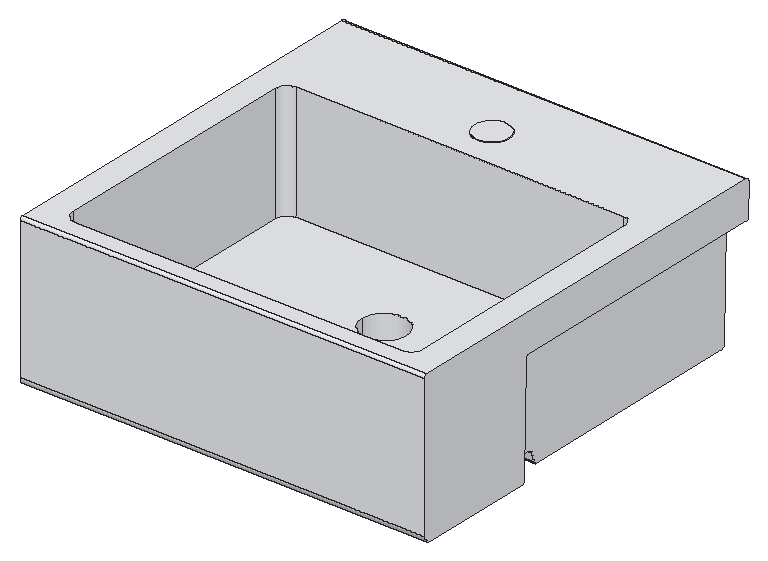
Revit family "Deca_Cuba de Semi Encaixe Quadrada_L.830_ Mesa.rfaGGGGG", category Plumbing Fixtures, host Face, Revit 2010
Parameters (values of type "L.830.17_Branco Gelo GE17")
  WFU = 0
  Vendido Separadamente = "Sifão para lavatório: Cromado: (1680.C.100.112), Dourado (1680.D.100.112).   Slim: Cromado (1684.C.100.112), Dourado (1684.D.100.112) e Gold (1684.D.100.112.GLD).  Quadra: Cromado (1685.C.100.112).                                                                                                                                                                                                                                                                                                                                                                                                                                                                                                  Válvulas de escoamentos compatíveis: Luxo: Cromado (1601.C), Branco (1601.E.BR), Gold (1601.D.GLD); Click: Cromado (1601.C.CLI).  Competitivo: Cromado (1602.C), Dourado (1602.D); Tampão plástico: Cromado (1602.C.PLA)."  # constant formula
  Variações de COR = "Branco (L.830.17); Marrom Fosco (L.830.22); Ébano Fosco (L.830.94); Ébano (L.830.95)."  # constant formula
  URL = "www.deca.com.br/produtos"
  Segmento = "Luxo"  # constant formula
  Raio Ponto de Esgoto = 20 mm  # constant formula
  Produto = "Cuba de semi encaixe Quadrada com mesa"  # constant formula
  Peso Liquido (Kg) = 14
  Norma = "ABNT NBR 15097-1: 2011 / ABNT NBR 15097-2: 2011"  # constant formula
  Model = Código  # "L.830.17"
  Material = "Deca_Fireclay"  # constant formula
  Manufacturer = "Deca"  # constant formula
  Louça/Metais = "Louça"  # constant formula
  Linha = "Cuba de semi encaixe"  # constant formula
  Informações Complementares = ""
  Flow Pressure = 0.00 psi
  Diâmetro Ponto de Esgoto = Raio Ponto de Esgoto * 2  # 40 mm
  Description = "Cuba de semi encaixe"  # constant formula
  Default Elevation = 0 mm
  Código = "L.830.17"
  Cuba = Deca GE17 Branco Gelo Cerâmica
  Criado por = "Contino/quattroD"  # constant formula
  Atendimento ao Cliente = "0800-0117073 "  # constant formula
  Assembly Code = "D2010400"
  Aprovado por = "Contino/quattroD"  # constant formula
  Acompanha o Produto = ""
Types (4, lengths in mm): name | Model | Código | Cuba
  L.830.17_Branco Gelo GE17 | "L.830.17" | "L.830.17" | Deca GE17 Branco Gelo Cerâmica
  L.830.95_Ébano EB95 | "L.830.95" | "L.830.95" | Deca EB95 Ébano Cerâmica
  L.830.22_Marrom Fosco MF22 | "L.830.22" | "L.830.22" | Deca MF22 Marrón Fosco Cerâmica
  L.830.94_Ébano Fosco EB94 | "L.830.94" | "L.830.94" | Deca EB94 Ébano Fosco Cerâmica
Reference planes
  plane 1 "Center (Front/Back)": y = -70
  plane 2: z = 0
  plane 3 "Center (Left/Right)": x = 0
  plane 4 "Left 1": x = -205
  plane 5 "Right 1": x = 205
  plane 6 "Back 2": y = 99.983
  plane 7 "Front 1": y = -200.018
  plane 8 "Top 1": z = 40.227
  plane 9 "Bottom 1": z = -114.773
  plane 10 "Back 1": y = 5
  plane 11 "Back 3": y = 209.983
Forms (mm)
  Extrusion 1, solid, material "Deca GE17 Branco Gelo Cerâmica" <- "Cuba"
    sketch origin (0, 284.956, -857.898) x (0, -1, 0) y (0, 0, -1)
      loop
        arc (482, -898.067) -> (484.121, -897.188) -> (485, -895.067) r 3
        line (485, -895.067) -> (485, -752)
        arc (485, -752) -> (482.95, -747.05) -> (478, -745) r 7
        line (478, -745) -> (361.398, -745)
        arc (361.398, -745) -> (359.996, -745.574) -> (359.398, -746.966) r 2
        line (359.398, -746.966) -> (359.227, -757.051)
        arc (359.227, -757.051) -> (358.331, -759.139) -> (356.228, -760) r 3
        line (356.228, -760) -> (337.268, -760)
        arc (337.268, -760) -> (334.822, -759.165) -> (333.397, -757.009) r 4
        line (333.397, -757.009) -> (331.045, -747.991)
        arc (331.045, -747.991) -> (329.62, -745.835) -> (327.174, -745) r 4
        line (327.174, -745) -> (93.349, -745)
        arc (93.349, -745) -> (90.548, -746.145) -> (89.349, -748.923) r 4
        line (89.349, -748.923) -> (87.247, -858.259)
        arc (87.247, -858.259) -> (86.703, -859.471) -> (85.471, -859.968) r 1.777
        line (85.471, -859.968) -> (77.63, -859.968)
        arc (77.63, -859.968) -> (76.265, -860.519) -> (75.666, -861.864) r 1.965
        line (75.666, -861.864) -> (75.087, -895.014)
        arc (75.087, -895.014) -> (75.947, -897.169) -> (78.087, -898.067) r 3
        line (78.087, -898.067) -> (482, -898.067)
    from -205 to 205
  Extrusion 2, void
    sketch origin (-125, 314.956, -857.898) x (1, 0, 0) y (0, 1, 0)
      loop
        arc (-52.5, -483.007) -> (-48.987, -491.487) -> (-40.507, -495) r 11.993
        line (-40.507, -495) -> (290.507, -495)
        arc (290.507, -495) -> (298.987, -491.487) -> (302.5, -483.007) r 11.993
        line (302.5, -483.007) -> (302.5, -226.909)
        arc (302.5, -226.909) -> (298.987, -218.429) -> (290.507, -214.917) r 11.993
        line (290.507, -214.917) -> (-40.507, -214.917)
        arc (-40.507, -214.917) -> (-48.987, -218.429) -> (-52.5, -226.909) r 11.993
        line (-52.5, -226.909) -> (-52.5, -483.007)
    from 780 to 900
  Extrusion 3, void
    sketch origin (0, 284.956, -857.898) x (0, -1, 0) y (0, 0, -1)
      loop
        line (89.386, -747.048) -> (87.247, -858.259)
        arc (87.247, -858.259) -> (86.703, -859.471) -> (85.471, -859.968) r 1.777
        line (85.471, -859.968) -> (355.547, -859.968)
        arc (355.547, -859.968) -> (356.928, -859.383) -> (357.514, -858.002) r 2
        line (357.514, -858.002) -> (359.227, -757.051)
        arc (359.227, -757.051) -> (358.857, -758.445) -> (357.878, -759.505) r 3
        arc (357.878, -759.505) -> (357.089, -759.874) -> (356.228, -760) r 3
        line (356.228, -760) -> (337.268, -760)
        arc (337.268, -760) -> (334.822, -759.165) -> (333.397, -757.009) r 4
        line (333.397, -757.009) -> (330.556, -746.116)
        arc (330.556, -746.116) -> (329.131, -743.96) -> (326.685, -743.125) r 4
        line (326.685, -743.125) -> (93.385, -743.125)
        arc (93.385, -743.125) -> (90.584, -744.27) -> (89.386, -747.048) r 4
    from 192 to 205
  Extrusion 4, void
    sketch origin (0, 284.956, -857.898) x (0, -1, 0) y (0, 0, 1)
      loop
        arc (89.349, 748.923) -> (90.548, 746.145) -> (93.349, 745) r 4
        line (93.349, 745) -> (327.174, 745)
        arc (327.174, 745) -> (329.62, 745.835) -> (331.045, 747.991) r 4
        line (331.045, 747.991) -> (333.397, 757.009)
        arc (333.397, 757.009) -> (334.822, 759.165) -> (337.268, 760) r 4
        line (337.268, 760) -> (356.228, 760)
        arc (356.228, 760) -> (357.089, 759.874) -> (357.878, 759.505) r 3
        arc (357.878, 759.505) -> (358.857, 758.445) -> (359.227, 757.051) r 3
        line (359.227, 757.051) -> (357.514, 858.002)
        arc (357.514, 858.002) -> (356.928, 859.383) -> (355.547, 859.968) r 2
        line (355.547, 859.968) -> (85.471, 859.968)
        arc (85.471, 859.968) -> (86.703, 859.471) -> (87.247, 858.259) r 1.777
        line (87.247, 858.259) -> (89.349, 748.923)
    from 192 to 205
  Extrusion 5, void
    sketch origin (0, 0, 0) x (1, 0, 0) y (0, 1, 0)
      loop
        circle (0, 5) r 22.5
    from -123.246 to -77.898
  Extrusion 6, solid, material "Deca GE17 Branco Gelo Cerâmica" <- "Cuba"
    sketch origin (0, 0, -1.875) x (1, 0, 0) y (0, 1, 0)
      loop
        circle (0, 141) r 17.5
    from 36.654 to 42.102
  Extrusion 7, void
    sketch origin (0, 0, 0) x (1, 0, 0) y (0, 1, 0)
      loop
        line (191.905, -84.981) -> (191.905, 192.189) -> (-192.261, 192.189) -> (-192.261, -84.981) -> (191.905, -84.981)
    from -112.898 to 110.413
Cuts and joins
  Extrusion 2, Extrusion 3, Extrusion 4, Extrusion 5 cuts Extrusion 1
Lines and regions (mm)
  Masking region 1
    outline origin (0, 0, 0) x (1, 0, 0) y (0, 1, 0)
      loop
        line (203, 209.983) -> (-203, 209.983)
        arc (-203, 209.983) -> (-204.414, 209.397) -> (-205, 207.983) r 2
        line (-205, 207.983) -> (-205, -193.018)
        arc (-205, -193.018) -> (-202.949, -197.967) -> (-197.999, -200.017) r 7
        line (-197.999, -200.017) -> (197.999, -200.018)
        arc (197.999, -200.018) -> (202.949, -197.967) -> (205, -193.018) r 7
        line (205, -193.018) -> (205, 207.983)
        arc (205, 207.983) -> (204.414, 209.397) -> (203, 209.983) r 2
      loop
        circle (0, 141) r 17.5
  Masking region 2
    outline origin (0, -200.018, 0) x (-1, 0, 0) y (0, 0, 1)
      loop
        line (201.914, 40.227) -> (-201.914, 40.227)
        arc (-201.914, 40.227) -> (-204.054, 39.33) -> (-204.914, 37.174) r 3
        line (-204.914, 37.174) -> (-202.381, -107.895)
        arc (-202.381, -107.895) -> (-200.289, -112.766) -> (-195.382, -114.773) r 7
        line (-195.382, -114.773) -> (195.382, -114.773)
        arc (195.382, -114.773) -> (200.289, -112.766) -> (202.381, -107.895) r 7
        line (202.381, -107.895) -> (204.914, 37.174)
        arc (204.914, 37.174) -> (204.054, 39.33) -> (201.914, 40.227) r 3
  Masking region 3
    outline origin (0, 0, 0) x (0, 1, 0) y (0, 0, 1)
      loop
        arc (-196.966, 40.227) -> (-199.087, 39.348) -> (-199.966, 37.227) r 3
        line (-199.966, 37.227) -> (-199.966, -107.773)
        arc (-199.966, -107.773) -> (-197.916, -112.723) -> (-192.966, -114.773) r 7
        line (-192.966, -114.773) -> (-76.364, -114.773)
        arc (-76.364, -114.773) -> (-74.962, -114.199) -> (-74.364, -112.807) r 2
        line (-74.364, -112.807) -> (-74.193, -102.722)
        arc (-74.193, -102.722) -> (-73.822, -101.328) -> (-72.844, -100.268) r 3
        arc (-72.844, -100.268) -> (-72.055, -99.9) -> (-71.193, -99.773) r 3
        line (-71.193, -99.773) -> (-52.233, -99.773)
        arc (-52.233, -99.773) -> (-49.788, -100.608) -> (-48.363, -102.764) r 4
        line (-48.363, -102.764) -> (-46.011, -111.783)
        arc (-46.011, -111.783) -> (-44.586, -113.938) -> (-42.14, -114.773) r 4
        line (-42.14, -114.773) -> (191.762, -114.773)
        arc (191.762, -114.773) -> (194.536, -113.624) -> (195.685, -110.85) r 3.923
        line (195.685, -110.85) -> (197.781, -1.833)
        arc (197.781, -1.833) -> (198.318, -0.537) -> (199.615, 0) r 1.833
        line (199.615, 0) -> (207.21, 0)
        arc (207.21, 0) -> (208.737, 0.633) -> (209.369, 2.16) r 2.16
        line (209.369, 2.16) -> (209.981, 37.174)
        arc (209.981, 37.174) -> (209.121, 39.33) -> (206.981, 40.227) r 3
        line (206.981, 40.227) -> (-196.966, 40.227)
  symbolic lines, style "PlumbingFixtures"
    curve 1: line (165.507, 99.983, 0) -> (-165.507, 99.983, 0)
    curve 2: line (-177.5, 87.99, 0) -> (-177.5, -168.025, 0)
    curve 3: line (-165.507, -180.017, 0) -> (165.507, -180.017, 0)
    curve 4: line (177.5, -168.025, 0) -> (177.5, 87.99, 0)
    curve 5: arc (177.5, -168.025, 0) -> (173.987, -176.505, 0) -> (165.507, -180.017, 0) r 11.993
    curve 6: arc (165.507, 99.983, 0) -> (173.987, 96.47, 0) -> (177.5, 87.99, 0) r 11.993
    curve 7: arc (-165.507, 99.983, 0) -> (-173.987, 96.47, 0) -> (-177.5, 87.99, 0) r 11.993
    curve 8: arc (-177.5, -168.025, 0) -> (-173.987, -176.505, 0) -> (-165.507, -180.017, 0) r 11.993
  symbolic lines
    curve 9: circle (0, 5, 0) r 22.5 normal (0, 0, 1)
    curve 10: circle (0, 5, 0) r 31.036 normal (0, 0, 1)
    curve 12: line (0, 199.725, 0.195) -> (0, -70.513, 0.195)
    curve 13: line (0, -72.48, -1.772) -> (0, -74.281, -107.894)
    curve 14: arc (0, -72.48, -1.772) -> (0, -71.894, -0.391) -> (0, -70.513, 0.195) r 2
  model lines
    curve 11: line (0, 158.5, 40.227) -> (0, 123.5, 40.227)
    curve 15: line (-17.5, 141, 40.227) -> (17.5, 141, 40.227)
Dimensions and locks
  plane 5 "Right 1" to plane 4 "Left 1" = 410 mm
  plane 4 "Left 1" to plane 5 "Right 1" = 410 mm
  plane 6 "Back 2" to plane 1 "Center (Front/Back)" to plane 7 "Front 1" = 169.983 mm, 130.017 mm
  plane 11 "Back 3" to plane 7 "Front 1" = 410 mm
  plane 8 "Top 1" to plane 2 = 40.227 mm
  plane 8 "Top 1" to host face to plane 9 "Bottom 1" = 40.227 mm, 114.773 mm
  plane 8 "Top 1" to plane 9 "Bottom 1" = 155 mm  (x2)
  plane 2 to plane 9 "Bottom 1" = 114.773 mm
  plane 7 "Front 1" to plane 11 "Back 3" = 410 mm
  plane 11 "Back 3" to plane 6 "Back 2" = 110 mm
  aligned and locked: host face to plane 2
  aligned and locked: level to host face
Connectors
  piping at (0, 5, -112.898), driven by "Raio Ponto de Esgoto", driven by "Flow Pressure", driven by "WFU"
    settings: on cut or joined group of Extrusion 1, Extrusion 2, Extrusion 3, Extrusion 4, Extrusion 5, index 1, connector radius 0.7874", flow factor 0, pipe flow 0 GPM, pressure drop 0.00 psi, fitting loss kfactor 0, connector angle 0.00°, fixture units 0, engagement length 0 mm, flow configuration 3, flow direction 2, fitting loss method 0, system type 16, joint type 0, gender type 0, connector reference index -1, connector utility 0, adjustable connector no, is connector primary yes, fitting loss table "", connector description ""
